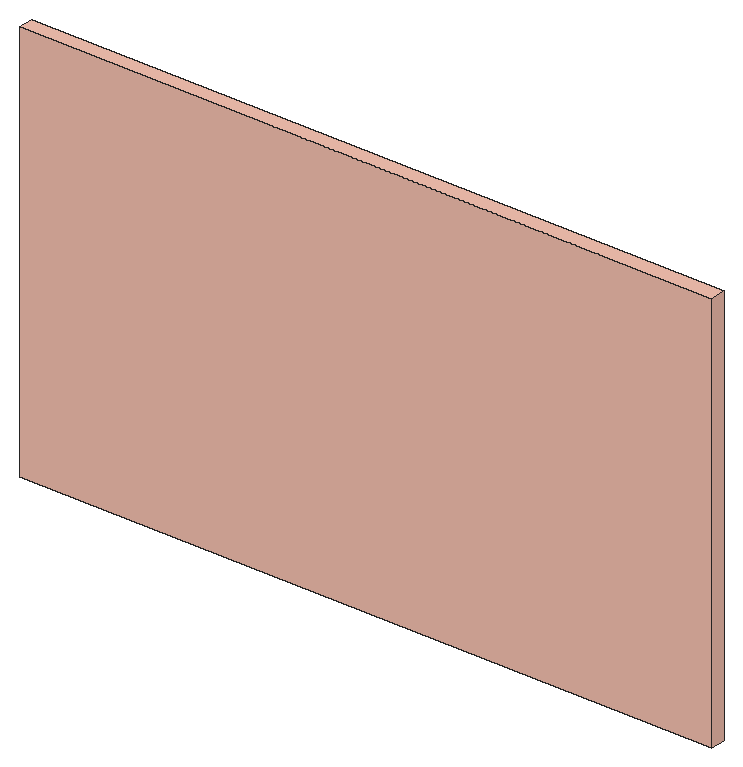
Revit family "EXP_WT-2_CPan-004", category Curtain Panels, Revit 2021
Family settings
  OmniClass Number = 23.25.20.14.11.11.17
  OmniClass Title = Infill Panels
  Always vertical = Yes
  Cut with Voids When Loaded = No
  Shared = No
Parameters (values of type "H2 = 7' 8 3/4"")
  UI-UnitNumber [instance] = "001"
  UI-Quadrant [instance] = "03"
  UI-ProjectAbbreviation = "NEU"
  UI-ItemCategory = "PID"
  UI-FloorNumber [instance] = "03"
  PNT-WallType = "WT2"
  PNT-ProjectAbbreviation = "NEU"
  PNT-PanelType [instance] = "01"
  PNT-ItemCategory = "PNL"
  GlassSPH1 [instance] = 0' - 2 3/16"
  GlassH1 [instance] = IG-2F(Glass)
  Define Thermal Properties by = Schematic Type
  CellSp = 0' - 10 3/16"
  CellL [instance] = 8' - 10"
  CellH2 = 7' - 8 3/4"
  CellH1 [instance] = CellH - CellH2  # 5' - 2 1/4"
  CellH [instance] = 12' - 11"
  Analytic Construction = "<None>"
Types (2): name | CellH2 | CellH1
  H2 = 7' 8 3/4" | 7' - 8 3/4" | 5' - 2 1/4"
  H2 = 8' | 8' - 0" | 4' - 11"
Reference planes (in)
  plane 1 "Center (Front/Back)": y = 0
  plane 2: z = 0
  plane 3 "Center (Left/Right)": x = 0
  plane 4 "Left": x = -53
  plane 5 "Right": x = 53
  plane 6 "Top": z = 155
  plane 7: z = 92.75
  plane 8: y = -10.1875
Forms (in)
  Extrusion 1, solid, material "IG-2F(Glass)" <- "GlassH1", detail levels coarse+medium
    sketch origin (0, 0, 0) x (0, 1, 0) y (0, 0, 1)
      loop
        line (-10.1875, 155) -> (-10.1875, 92.75) -> (0, 92.75) -> (0, 155) -> (-10.1875, 155)
    from -53 to 53
Text (in)
  text "Exterior" at (-92.59733, 55.75508, 0), in view "Ref. Level"
  text "Exterior" at (0, 90.18664, 173.49264), in view "Left"
  text "Exterior" at (0, 52.29083, 162.21847), in view "Right"
Dimensions and locks (in)
  equal spacing: plane 4 "Left", plane 3 "Center (Left/Right)", plane 5 "Right"  (x2)
  "CellH2": plane 2 to plane 7
  "CellH1": plane 7 to plane 6 "Top"
  Extrusion 1 sketch curve to Extrusion 1 sketch curve = 0' - 10 3/16"
  "CellL": plane 4 "Left" to plane 5 "Right"
  "CellH": plane 2 to plane 6 "Top"
  "CellSp": plane 8 to plane 1 "Center (Front/Back)"
  aligned and locked: level to plane 2
  aligned and locked: plane 6 "Top" to Extrusion 1 sketch curve
  aligned and locked: plane 8 to Extrusion 1 sketch curve
  aligned and locked: Extrusion 1 to plane 5 "Right"
  aligned and locked: plane 4 "Left" to Extrusion 1
  aligned and locked: Extrusion 1 to plane 1 "Center (Front/Back)"
  aligned and locked: plane 1 "Center (Front/Back)" to nested 1
  aligned and locked: nested 1 to plane 6 "Top"
  aligned and locked: plane 4 "Left" to nested 1
  aligned and locked: plane 4 "Left" to nested 2
  aligned and locked: plane 5 "Right" to nested 2
  aligned and locked: plane 1 "Center (Front/Back)" to nested 2
  aligned and locked: nested 2 to plane 6 "Top"
  aligned and locked: plane 7 to nested 2
Automatic sketch dimensions
  Extrusion 1 sketch curve to plane 7 = 0' - 0"
Nested families (in)
  nested 1: "EXP_xx_DetO-002" at (0, 0, 92.75), CellH <- "CellH1", CellL <- "CellL", type "EXP_xx_DetO-002", detail levels coarse
    with CellL 8' - 10", CellH 5' - 2 1/4"
  nested 2: "EXP_WT-1x_IG-001" at (0, 0, 123.875), GlassSP <- "GlassSPH1", MaterialGlass <- "GlassH1", type "GlassSP = H1"
    with MaterialGlass IG-2F(Glass), GlassSP 0' - 2 3/16", GlassL 8' - 8.12549", GlassH 5' - 0 9/16", CellL 8' - 10", CellH 5' - 2 1/4"
Definition of nested family "EXP_WT-1x_IG-001"
  Parameters (values of type "H2 _ GlassSP = 1 1/4"")
    MaterialGlass [instance] = none
    GlassSP [instance] = 0' - 1 1/4"
    GlassL [instance] = CellL - (GlassD1 + GlassD3)  # 3' - 10.94439"
    GlassH [instance] = CellH - (GlassD2 + GlassD4)  # 6' - 6.64788"
    GlassD4 = 0' - 1.43701"
    GlassD3 = 0' - 0.93701"
    GlassD2 = 0' - 0 1/2"
    GlassD1 = 0' - 0 15/16"
    GMPI-ProjectAbbreviation = "NEU"
    GMPI-IteamCategory = "GLS"
    Default Elevation = 0' - 0"
    CellL [instance] = 4' - 0.8189"
    CellH [instance] = 6' - 8.58489"
  Types (12): name | GlassSP | GlassL | GlassH | GlassD4 | GlassD2 | GlassD1
    H2(x2) _ GlassSP = 2 1/8" | 0' - 2.12598" | 3' - 10.94488" | 6' - 6.64788" | 0' - 1.43701" | 0' - 0 1/2" | 0' - 0.93701"
    H1 _ GlassSP = 1 1/4" | 0' - 1 1/4" | 3' - 10.94439" | 6' - 6.89739" | 0' - 0 1/4" | 0' - 1 7/16" | 0' - 0 15/16"
    H2(x3) _ GlassSP = 2 1/8" | 0' - 2.12598" | 3' - 10.94488" | 6' - 7.83489" | 0' - 0 1/4" | 0' - 0 1/2" | 0' - 0.93701"
    H3 _ GlassSP = 1 1/4" | 0' - 1 1/4" | 3' - 10.94439" | 6' - 6.64788" | 0' - 1.43701" | 0' - 0 1/2" | 0' - 0 15/16"
    H _ GlassSP = 2 1/8" | 0' - 2.12598" | 3' - 10.94488" | 6' - 5.71088" | 0' - 1.43701" | 0' - 1.43701" | 0' - 0.93701"
    H _ GlassSP = 1 1/4" | 0' - 1 1/4" | 3' - 10.94439" | 6' - 5.71088" | 0' - 1.43701" | 0' - 1.43701" | 0' - 0 15/16"
    H2 _ GlassSP = 1 1/4" | 0' - 1 1/4" | 3' - 10.94439" | 6' - 6.64788" | 0' - 1.43701" | 0' - 0 1/2" | 0' - 0 15/16"
    GlassSP = H | 0' - 1 1/4" | 3' - 10.94439" | 6' - 5.71088" | 0' - 1.43701" | 0' - 1.43701" | 0' - 0 15/16"
    GlassSP = H3 | 0' - 1 1/4" | 3' - 10.94439" | 6' - 6.64788" | 0' - 1.43701" | 0' - 0 1/2" | 0' - 0 15/16"
    GlassSP = H2(x3) | 0' - 2.12598" | 3' - 10.94488" | 6' - 7.83489" | 0' - 0 1/4" | 0' - 0 1/2" | 0' - 0.93701"
    GlassSP = H2(x2) | 0' - 2.12598" | 3' - 10.94488" | 6' - 6.64788" | 0' - 1.43701" | 0' - 0 1/2" | 0' - 0.93701"
    GlassSP = H1 | 0' - 1 1/4" | 3' - 10.94439" | 6' - 6.89739" | 0' - 0 1/4" | 0' - 1 7/16" | 0' - 0 15/16"
  Reference planes (in)
    plane 1 "Center (Front/Back)": y = 0
    plane 2: z = 0
    plane 3 "Center (Left/Right)": x = 0
    plane 4: x = -24.40945
    plane 5: x = 24.40945
    plane 6: z = 40.29245
    plane 7: x = -23.47195
    plane 8: x = 23.47244
    plane 9: z = -40.29245
    plane 10: z = 39.79245
    plane 11: z = -38.85544
  Forms (in)
    Extrusion 1, solid, material <- "MaterialGlass"
      sketch origin (0, 0, 0) x (1, 0, 0) y (0, 0, 1)
        loop
          line (-23.47195, -38.85544) -> (23.47244, -38.85544) -> (23.47244, 39.79245) -> (-23.47195, 39.79245) -> (-23.47195, -38.85544)
      from 0 to 1.25 <- "GlassSP"
  Dimensions and locks (in)
    equal spacing: plane 6, level, plane 9
    "CellH": plane 6 to plane 9
    "GlassD2": plane 6 to plane 10
    "GlassD4": plane 11 to plane 9
    equal spacing: plane 4, plane 3 "Center (Left/Right)", plane 5
    "CellL": plane 4 to plane 5
    "GlassD1": plane 4 to plane 7
    "GlassD3": plane 5 to plane 8
    aligned and locked: level to plane 2
    aligned and locked: Extrusion 1 sketch curve to plane 11
    aligned and locked: Extrusion 1 sketch curve to plane 7
    aligned and locked: plane 10 to Extrusion 1 sketch curve
    aligned and locked: plane 8 to Extrusion 1 sketch curve
Definition of nested family "EXP_xx_DetO-002"
  Parameters (values of type "EXP_xx_DetO-002")
    Default Elevation = 0' - 0"
    CellL [instance] = 5' - 4.56693"
    CellH [instance] = 5' - 2.99213"
  Reference planes (in)
    plane 1 "Center (Front/Back)": y = 0
    plane 2: z = 0
    plane 3 "Center (Left/Right)": x = 0
    plane 4: x = -32.28346
    plane 5: x = 32.28346
    plane 6: z = 62.99213
  Lines and regions (in)
    model lines
      curve 1: line (-32.28346, 0, 62.99213) -> (32.28346, 0, 0)
      curve 2: line (32.28346, 0, 62.99213) -> (-32.28346, 0, 0)
  Dimensions and locks (in)
    "CellH": plane 6 to level
    equal spacing: plane 4, plane 3 "Center (Left/Right)", plane 5
    "CellL": plane 4 to plane 5
    aligned and locked: level to plane 2
  Automatic sketch dimensions
    curve 2 to level = 0' - 0"
    plane 4 to curve 2 = 0' - 0"
    plane 4 to curve 1 = 0' - 0"
    plane 5 to curve 2 = 0' - 0"
    curve 1 to level = 0' - 0"
    plane 5 to curve 1 = 0' - 0"
    curve 2 to plane 6 = 0' - 0"
    curve 1 to plane 6 = 0' - 0"
